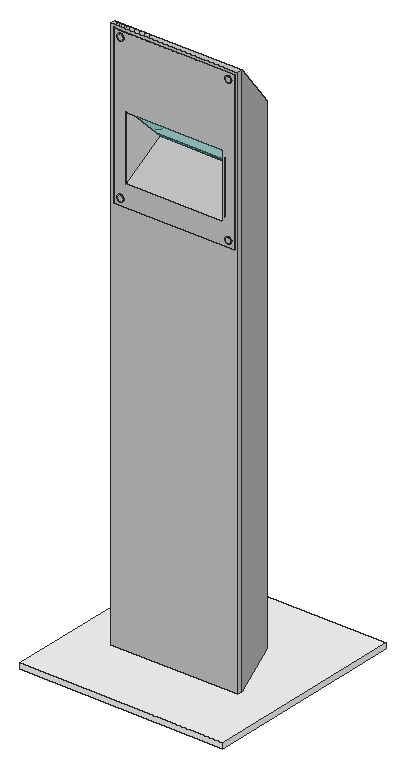
Revit family "BE_99558_de_DE", category Leuchten, Revit 2015
Parameters (values of type "BEGA_99558_Silber_K4")
  built-in parameter 1150104 = 11.599 (stored number, unit not read)
  Wattage = 16.9 W
  Default Elevation = 0 mm
  built-in parameter 1150113 = 1 (stored number, unit not read)
  built-in parameter 1114218 = 1 (stored number, unit not read)
  Umgebungstemperatur = "25 °C"
  URL = "http://www.bega.de/produkt/99558"
  Typenkommentare = "© 2016 BEGA. Wir behalten uns das Recht vor, technische Änderungen ohne vorherige Ankündigung vorzunehmen."  # constant formula
  Type Image = 99558.png
  built-in parameter 1150134 = 12
  built-in parameter 1150109 = 1 (stored number, unit not read)
  Strom = ""
  built-in parameter 1150110 = 1 (stored number, unit not read)
  Spannung = 239.996 V
  Sonderanfertigung = no
  Seriennummer [instance] = "Hier können Sie die eindeutige Seriennummer für das Facility Management eintragen."
  Schutzklasse = "I"
  Schutzart = "IP 65"
  Scheinlast = 0 VA
  Produktdatenblatt = "http://www.bega.de/download/Xrfa/db/99558.db.de.pdf"
  Oberflächentemperatur = ""
  Neigungswinkel = 0.00°
  Modell = "99558AK4"
  Material_18 = BEGA_Gummi_schwarz
  Material_17 = BEGA_Reflektor
  Material_15 = BEGA_Leuchtmedium_matt
  Material_11 = BEGA_Glas_opal
  Material_09 = BEGA_Glas_klar
  Material_06 = BEGA_Oberfläche_Edelstahl_gebürstet
  Material_03 = BEGA_Oberfläche_Weiss_matt
  Material_02 = BEGA_Oberfläche_Silber_matt
  Material_01 [instance] = BEGA_Oberfläche_Grafit_matt
  M_W = no
  M_G = no
  M_A = yes
  Logo = 0
  built-in parameter 1114217 = 1 (stored number, unit not read)
  built-in parameter 1150139 = (empty or 0)
  built-in parameter 1150105 = 167.91 (stored number, unit not read)
  built-in parameter 1150114 = 1 (stored number, unit not read)
  Lumens = 2109.96 lm
  built-in parameter 1150115 = 1 (stored number, unit not read)
  Leuchtenlichtstrom = "1215 lm"
  Leuchtenanzahl = ""
  Lebensdauerkriterien = "L70 = 50.000 h"
  Lastklassifizierung = Beleuchtung
  built-in parameter 1150112 = 1 (stored number, unit not read)
  Lampenlichtstrom = "2110 lm"
  Lampe = "LED 16.9 W"
  LED_Modulbezeichnung = "LED-0491/840 "
  built-in parameter 1150142 = (empty or 0)
  Hersteller = "BEGA"  # constant formula
  Halbstreuwinkel = ""
  Gewicht = "8.95 kg"
  Gebrauchslageneinschränkung [instance] = ""
  Frequenz = "0/50-60 Hz"
  Farbwiedergabeindex = "Ra > 80"
  Farbtemperaturverschiebung bei Dämpfen der Lampe = <Keine Auswahl>
  Farbtemperatur = "4000 K"
  Farbfilter = 16777215
  Erdstück = yes
  built-in parameter 1150133 = 10 (stored number, unit not read)
  Energieeffizienzklasse = "LED A++ - A"
  Einstecktiefe = ""
  built-in parameter 1150137 = (empty or 0)
  built-in parameter 1150132 = (empty or 0)
  Einbauöffnung = ""
  Einbautiefe = ""
  Einbau_in_Wärmedämmung = ""
  ENEC = ""
  Dimmbar [instance] = ""
  Datei für fotometrisches Netz = "BE_99558K4.IES"
  CE_Konformität = "ja"
  Bestellnummer_Erdstück = ""
  Bestellnummer = "99558AK4"
  Beschreibung_Sonderanfertigung = "Hier können Sie Informationen zur Sonderanfertigung eintragen."
  Beschreibung = "Pollerleuchte"
  built-in parameter 1150106 = 1.6791 (stored number, unit not read)
  BEGA_Intern_aus = yes
  BEGA_Intern_an = yes
  BEGA_Intern_Konstruktion = yes
  BEGA_Intern = yes
  BEGA_IES = yes
  BEGA_Dummy = no
  Anschlussleistung [instance] = "21.5 W"
  built-in parameter 1150107 = 4000 (stored number, unit not read)
  built-in parameter 1150102 = (empty or 0)
  built-in parameter 1150138 = (empty or 0)
  Aktualisierung = "2016-11-14T04:14:35"
  AC/DC = "AC/DC"
Types (4, lengths in mm): name | built-in parameter 1150104 | built-in parameter 1150134 | Modell | M_G | M_A | built-in parameter 1150105 | Lumens | Leuchtenlichtstrom | Lampenlichtstrom | LED_Modulbezeichnung | Farbtemperatur | Datei für fotometrisches Netz | Bestellnummer | built-in parameter 1150106 | built-in parameter 1150107
  BEGA_99558_Silber_K3 | 10.802 (stored number, unit not read) | (empty or 0) | "99558A" | no | yes | 156.37 (stored number, unit not read) | 1964.96 lm | "1132 lm" | "1965 lm" | "LED-0491/830 " | "3000 K" | "BE_99558.IES" | "99558A" | 1.5637 (stored number, unit not read) | 3000 (stored number, unit not read)
  BEGA_99558_Silber_K4 | 11.599 (stored number, unit not read) | 12 | "99558AK4" | no | yes | 167.91 (stored number, unit not read) | 2109.96 lm | "1215 lm" | "2110 lm" | "LED-0491/840 " | "4000 K" | "BE_99558K4.IES" | "99558AK4" | 1.6791 (stored number, unit not read) | 4000 (stored number, unit not read)
  BEGA_99558_Grafit_K4 | 11.599 (stored number, unit not read) | 12 | "99558K4" | yes | no | 167.91 (stored number, unit not read) | 2109.96 lm | "1215 lm" | "2110 lm" | "LED-0491/840 " | "4000 K" | "BE_99558K4.IES" | "99558K4" | 1.6791 (stored number, unit not read) | 4000 (stored number, unit not read)
  BEGA_99558_Grafit_K3 | 10.802 (stored number, unit not read) | (empty or 0) | "99558" | yes | no | 156.37 (stored number, unit not read) | 1964.96 lm | "1132 lm" | "1965 lm" | "LED-0491/830 " | "3000 K" | "BE_99558.IES" | "99558" | 1.5637 (stored number, unit not read) | 3000 (stored number, unit not read)
Reference planes
  plane 1 "Mitte (Vorne/Hinten)": y = 0
  plane 2: z = 0
  plane 3 "Mitte (Links/Rechts)": x = 0
  plane 4 "Links": x = -125
  plane 5 "Rechts": x = 125
  plane 6 "Unten": y = -70
  plane 7 "Oben": y = 69.957
  plane 8 "Vorne": z = 1099.75
  plane 9 "Hinten": z = 0
Forms (mm)
  Extrusion 1, solid, material "BEGA_Platte_Weiss"
    sketch origin (0, -1119.2, 0) x (1, 0, 0) y (0, 1, 0)
      loop
        line (-200, 1319.2) -> (-200, 919.2) -> (200, 919.2) -> (200, 1319.2) -> (-200, 1319.2)
    from 0 to -10
  Extrusion 2, solid, material "BEGA_Dummy_matt", visible <- "BEGA_Dummy"
    sketch origin (80.095, -76.023, 0) x (1, 0, 0) y (0, 1, 0)
      loop
        line (-205.095, 145.98) -> (-205.095, 6.023) -> (44.905, 6.023) -> (44.905, 145.98) -> (-205.095, 145.98)
    from 0 to 1099.75
Dimensions and locks
  plane 1 "Mitte (Vorne/Hinten)" to Extrusion 1 = 200 mm
  aligned and locked: plane 2 to Extrusion 1
  aligned and locked: level to Extrusion 1
Nested families
  nested 1: "BE_99558" at (0, 0, 0), type "BE_99558"
Connectors
  electrical at (0, 0, 0), driven by "Lastklassifizierung", driven by "Spannung", driven by "Scheinlast"
    settings: index 1, voltage 239.996 V, apparent load 0 VA, apparent load phase1 0 VA, apparent load phase2 0 VA, apparent load phase3 0 VA, power factor 1, load classification "Beleuchtung", number of poles 1, system type 31, power factor state 1, is connector primary yes, connector utility no, sub classification motor no, connector description ""
Definition of nested family "BE_99558"
  Parameters (values of type "BE_99558")
    Default Elevation = 1 mm
    URL = "http://www.bega.de/de/produkt"
    Type Comments = "© 2015 BEGA. Wir behalten uns das Recht vor, technische Änderungen ohne vorherige Ankündigung vorzunehmen. "  # constant formula
    Type Image = (empty or 0)
    Material_18 = none
    Material_17 = none
    Material_15 = none
    Material_11 = none
    Material_09 = none
    Material_06 = none
    Material_03 = none
    Material_02 = none
    Material_01 = none
    M_W = yes
    M_G = yes
    M_A = yes
    Länge_Platte = 400 mm  # constant formula
    Höhe_Platte = -10 mm  # constant formula
    Manufacturer = "BEGA"  # constant formula
    Breite_Platte = 200 mm  # constant formula
  Reference planes
    plane 1 "Mitte (Oben/Unten)": y = 0
    plane 2: z = 0
    plane 3 "Mitte (Links/Rechts)": x = 0
    plane 4: x = -125
    plane 5: x = 125
    plane 6: z = 1099.75
    plane 7: y = 69.957
    plane 8: y = -69.957
  Forms (mm)
    Extrusion 1, solid, detail levels medium
      sketch origin (0, 0, 0) x (1, 0, 0) y (0, 1, 0)
        loop
          line (-200, 100) -> (-200, -100) -> (200, -100) -> (200, 100) -> (-200, 100)
      from 0 to -10 <- "Höhe_Platte"
    Revolve 2, solid, material <- "Material_01", visible <- "M_G", detail levels medium+fine
      sketch origin (0, 0, 0) x (0, 1, 0) y (0, 0, 1)
        loop
          line (64.999, 0) -> (64.999, 5) -> (0, 5) -> (0, 0) -> (64.999, 0)
        axis (0, 0) -> (0, 5)
      angle from 0 to 360
    Extrusion 3, void
      sketch origin (0, 0, 0) x (1, 0, 0) y (0, 1, 0)
        loop
          arc (10.611, 37.027) -> (-0.007, 38.517) -> (-10.625, 37.023) r 38.517
          arc (-10.625, 37.023) -> (-13.028, 32.671) -> (-8.678, 30.263) r 3.517
          arc (-8.678, 30.263) -> (0, 31.483) -> (8.677, 30.263) r 31.483
          arc (8.677, 30.263) -> (13.029, 32.677) -> (10.611, 37.027) r 3.517
        loop
          arc (-30.55, -7.606) -> (-34.816, -5.056) -> (-37.373, -9.319) r 3.517
          arc (-37.373, -9.319) -> (-33.355, -19.262) -> (-26.752, -27.711) r 38.517
          arc (-26.752, -27.711) -> (-21.78, -27.619) -> (-21.869, -22.647) r 3.517
          arc (-21.869, -22.647) -> (-27.267, -15.737) -> (-30.55, -7.606) r 31.483
        loop
          arc (37.376, -9.31) -> (34.808, -5.053) -> (30.548, -7.616) r 3.517
          arc (30.548, -7.616) -> (27.264, -15.743) -> (21.866, -22.65) r 31.483
          arc (21.866, -22.65) -> (21.785, -27.622) -> (26.757, -27.707) r 3.517
          arc (26.757, -27.707) -> (33.36, -19.255) -> (37.376, -9.31) r 38.517
        loop
          arc (-12.536, -43.72) -> (-18.13, -46.827) -> (-15.014, -52.416) r 4.521
          arc (-15.014, -52.416) -> (0.001, -54.524) -> (15.016, -52.416) r 54.519
          arc (15.016, -52.416) -> (18.131, -46.826) -> (12.537, -43.719) r 4.521
          arc (12.537, -43.719) -> (0.001, -45.481) -> (-12.536, -43.72) r 45.489
        loop
          arc (44.131, 11.004) -> (49.615, 7.712) -> (52.902, 13.199) r 4.521
          arc (52.902, 13.199) -> (47.217, 27.266) -> (37.876, 39.221) r 54.52
          arc (37.876, 39.221) -> (31.483, 39.11) -> (31.594, 32.717) r 4.521
          arc (31.594, 32.717) -> (39.388, 22.741) -> (44.131, 11.004) r 45.489
        loop
          arc (-31.594, 32.716) -> (-31.486, 39.112) -> (-37.881, 39.216) r 4.521
          arc (-37.881, 39.216) -> (-47.218, 27.265) -> (-52.901, 13.204) r 54.519
          arc (-52.901, 13.204) -> (-49.619, 7.711) -> (-44.131, 11.002) r 4.521
          arc (-44.131, 11.002) -> (-39.388, 22.74) -> (-31.594, 32.716) r 45.489
        loop
          circle (0, 0) r 21.5
      from 0 to 8.574
    Extrusion 4, solid, material <- "Material_01", visible <- "M_G", detail levels medium+fine
      sketch origin (0, 0, 0) x (1, 0, 0) y (0, 1, 0)
        loop
          line (-125, -60.824) -> (-125, -70) -> (125, -70) -> (125, -60.828) -> (69.45, 70) -> (-69.45, 70) -> (-125, -60.824)
        loop
          line (-67.5, 67.7) -> (-121.7, -59.945) -> (-121.7, -66.7) -> (121.7, -66.7) -> (121.7, -59.945) -> (67.5, 67.7) -> (-67.5, 67.7)
      from 2 to 1099.75
    Extrusion 5, void
      sketch origin (0, 0, 0) x (0, 1, 0) y (0, 0, 1)
        loop
          line (-65, 1104.401) -> (75, 964.401) -> (75, 1104.401) -> (-65, 1104.401)
      from -133.772 to 134.901
    Extrusion 6, void
      sketch origin (0, 0, 0) x (1, 0, 0) y (0, 0, 1)
        loop
          line (-119, 783.882) -> (119, 783.882) -> (119, 1093.75) -> (-119, 1093.75) -> (-119, 783.882)
      from 60.824 to 80.304
    Extrusion 7, solid, material <- "Material_01", visible <- "M_G", detail levels medium+fine
      sketch origin (0, 0, 0) x (0, 1, 0) y (0, 0, 1)
        loop
          line (-60.349, 1099.75) -> (-68.677, 1099.75) -> (-68.677, 1096.398) -> (-60.824, 1096.398) -> (68.087, 967.487) -> (70, 969.401) -> (-60.349, 1099.75)
      from -125 to 125
    Extrusion 8, void
      sketch origin (0, 0, 0) x (1, 0, 0) y (0, 1, 0)
        loop
          line (-67.327, 75) -> (-129.45, 75) -> (-129.45, -71.304) -> (-67.327, 75)
        loop
          line (67.327, 75) -> (129.45, -71.304) -> (129.45, 75) -> (67.327, 75)
      from 934.807 to 1118.812
    Extrusion 9, solid, material <- "Material_01", visible <- "M_G", detail levels medium+fine
      sketch origin (0, 0, 0) x (1, 0, 0) y (0, 0, 1)
        loop
          line (-118.717, 784.161) -> (118.717, 784.161) -> (118.717, 1093.45) -> (-118.717, 1093.45) -> (-118.717, 784.161)
        loop
          line (-95.896, 952.75) -> (-95.896, 825.161) -> (95.896, 825.161) -> (95.896, 952.75) -> (-95.896, 952.75)
      from 62.614 to 70
    Extrusion 10, solid, material <- "Material_01", visible <- "M_G", detail levels medium+fine
      sketch origin (0, 0, 321.35) x (0, 1, 0) y (0, 0, 1)
        loop
          line (-70, 503.811) -> (-67.5, 502.717) -> (-21.611, 576.154) -> (-22.831, 578.106) -> (-70, 503.811)
      from -103.34 to 102.897
    Extrusion 11, solid, material <- "Material_01", visible <- "M_G", detail levels medium+fine
      sketch origin (0, 0, 0) x (-1, 0, 0) y (0, -1, 0)
        loop
          line (-96.168, 70) -> (-98.823, 70) -> (-68.573, 22.831) -> (-65.918, 22.831) -> (-96.168, 70)
        loop
          line (96.168, 70) -> (65.918, 22.831) -> (68.573, 22.831) -> (98.823, 70) -> (96.168, 70)
      from 825.161 to 952.75
    Extrusion 12, solid, material <- "Material_17", detail levels medium+fine
      sketch origin (0, 0, 321.35) x (0, 1, 0) y (0, 0, 1)
        loop
          line (5.692, 641.581) -> (5.595, 642.501) -> (-57.729, 635.845) -> (-57.632, 634.925) -> (5.692, 641.581)
        loop
          line (22.542, 638.502) -> (21.459, 639.127) -> (-16.185, 573.925) -> (-19.808, 573.925) -> (-20.468, 561.325) -> (-19.566, 561.278) -> (-18.943, 573.175) -> (-15.175, 573.175) -> (22.542, 638.502)
      from -88.515 to 86.726
    Extrusion 13, solid, material <- "Material_17", detail levels medium+fine
      sketch origin (-7.46, -36.733, 0) x (1, 0, 0) y (0, 1, 0)
        loop
          line (-93.726, -19.037) -> (-43.504, 59.274) -> (-46.43, 59.274) -> (-96.653, -19.037) -> (-93.726, -19.037)
        loop
          line (108.646, -19.037) -> (111.572, -19.037) -> (61.35, 59.274) -> (58.423, 59.274) -> (108.646, -19.037)
      from 905.263 to 992.838
    Extrusion 14, void
      sketch origin (0, 0, 0) x (0, 1, 0) y (0, 0, -1)
        loop
          line (-22.831, -899.456) -> (-66.7, -952.75) -> (-66.7, -958.45) -> (-22.831, -958.45) -> (-22.831, -899.456)
      from -99.773 to 102.897
    Extrusion 15, solid, material <- "Material_09", detail levels medium+fine
      sketch origin (0, 0, 321.35) x (0, 1, 0) y (0, 0, 1)
        loop
          line (-19.862, 573.963) -> (-16.667, 576.37) -> (-63.007, 637.865) -> (-66.201, 635.458) -> (-19.862, 573.963)
      from -95.896 to 95.896
    Extrusion 16, solid, material <- "Material_15", detail levels medium+fine
      sketch origin (0, 0, 321.939) x (0, 1, 0) y (0, 0, 1)
        loop
          line (17.847, 641.326) -> (8.75, 641.326) -> (8.75, 640.526) -> (17.847, 640.526) -> (17.847, 641.326)
      from -46.412 to 46.401
    Extrusion 17, solid, material <- "Material_01", visible <- "M_G", detail levels medium+fine
      sketch origin (0, 0, 0) x (1, 0, 0) y (0, 1, 0)
        loop
          circle (0, 0) r 64.999
        loop
          line (-121.7, -59.945) -> (-121.7, -66.7) -> (121.7, -66.7) -> (121.7, -59.945) -> (67.5, 67.7) -> (-67.5, 67.7) -> (-121.7, -59.945)
      from 5 to 15.378
    Revolve 18, void
      sketch origin (0, 0, 0) x (0, 1, 0) y (0, 0, 1)
        loop
          line (70.24, 25.694) -> (66.535, 25.694) -> (66.535, 21.494) -> (70.24, 21.494) -> (70.24, 25.694)
        axis (70.24, 21.494) -> (66.535, 21.494)
      angle from 0 to 360
    Revolve 19, solid, material <- "Material_06", detail levels fine
      sketch origin (0, 0, 0) x (0, 1, 0) y (0, 0, 1)
        loop
          line (70.639, 25.494) -> (67.7, 25.494) -> (67.7, 21.494) -> (71.239, 21.494) -> (71.239, 24.894) -> (70.639, 25.494)
        axis (71.239, 21.494) -> (67.7, 21.494)
      angle from 0 to 360
    Extrusion 20, solid, material <- "Material_06", detail levels fine
      sketch origin (0, 0, 0) x (1, 0, 0) y (0, 0, 1)
        loop
          circle (-106.227, 1080.977) r 6
        loop
          circle (-106.227, 796.655) r 6
        loop
          circle (106.227, 1080.977) r 6
        loop
          circle (106.227, 796.655) r 6
      from 66.7 to 70
    Revolve 21, void
      sketch origin (-106.227, 0, 0) x (0, 1, 0) y (0, 0, 1)
        loop
          line (-66.3, 1083.827) -> (-70.517, 1088.043) -> (-70.517, 1080.977) -> (-66.3, 1080.977) -> (-66.3, 1083.827)
        axis (-70.517, 1080.977) -> (-66.3, 1080.977)
      angle from 0 to 360
    Revolve 22, void
      sketch origin (106.227, 0, 0) x (0, 1, 0) y (0, 0, -1)
        loop
          line (-66.3, -1083.827) -> (-66.3, -1080.977) -> (-70.517, -1080.977) -> (-70.517, -1088.043) -> (-66.3, -1083.827)
        axis (-70.517, -1080.977) -> (-66.3, -1080.977)
      angle from 0 to 360
    Revolve 23, void
      sketch origin (-106.227, 0, -284.322) x (0, 1, 0) y (0, 0, 1)
        loop
          line (-66.3, 1083.827) -> (-70.517, 1088.043) -> (-70.517, 1080.977) -> (-66.3, 1080.977) -> (-66.3, 1083.827)
        axis (-70.517, 1080.977) -> (-66.3, 1080.977)
      angle from 0 to 360
    Revolve 24, void
      sketch origin (106.227, 0, -284.322) x (0, 1, 0) y (0, 0, -1)
        loop
          line (-66.3, -1083.827) -> (-66.3, -1080.977) -> (-70.517, -1080.977) -> (-70.517, -1088.043) -> (-66.3, -1083.827)
        axis (-70.517, -1080.977) -> (-66.3, -1080.977)
      angle from 0 to 360
    Revolve 25, solid, material <- "Material_02", visible <- "M_A", detail levels medium+fine
      sketch origin (0, 0, 0) x (0, 1, 0) y (0, 0, 1)
        loop
          line (64.999, 0) -> (64.999, 5) -> (0, 5) -> (0, 0) -> (64.999, 0)
        axis (0, 0) -> (0, 5)
      angle from 0 to 360
    Extrusion 26, solid, material <- "Material_02", visible <- "M_A", detail levels medium+fine
      sketch origin (0, 0, 0) x (1, 0, 0) y (0, 1, 0)
        loop
          line (-125, -60.824) -> (-125, -70) -> (125, -70) -> (125, -60.828) -> (69.45, 70) -> (-69.45, 70) -> (-125, -60.824)
        loop
          line (-67.5, 67.7) -> (-121.7, -59.945) -> (-121.7, -66.7) -> (121.7, -66.7) -> (121.7, -59.945) -> (67.5, 67.7) -> (-67.5, 67.7)
      from 2 to 1099.75
    Extrusion 27, solid, material <- "Material_02", visible <- "M_A", detail levels medium+fine
      sketch origin (0, 0, 0) x (0, 1, 0) y (0, 0, 1)
        loop
          line (-60.349, 1099.75) -> (-68.677, 1099.75) -> (-68.677, 1096.398) -> (-60.824, 1096.398) -> (68.087, 967.487) -> (70, 969.401) -> (-60.349, 1099.75)
      from -125 to 125
    Extrusion 28, solid, material <- "Material_02", visible <- "M_A", detail levels medium+fine
      sketch origin (0, 0, 0) x (1, 0, 0) y (0, 1, 0)
        loop
          circle (0, 0) r 64.999
        loop
          line (-121.7, -59.945) -> (-121.7, -66.7) -> (121.7, -66.7) -> (121.7, -59.945) -> (67.5, 67.7) -> (-67.5, 67.7) -> (-121.7, -59.945)
      from 5 to 15.378
    Extrusion 29, void
      sketch origin (0, 0, 0) x (1, 0, 0) y (0, 1, 0)
        loop
          line (-67.327, 75) -> (-129.45, 75) -> (-129.45, -71.304) -> (-67.327, 75)
        loop
          line (67.327, 75) -> (129.45, -71.304) -> (129.45, 75) -> (67.327, 75)
      from 934.807 to 1118.812
    Extrusion 30, solid, material <- "Material_02", visible <- "M_A", detail levels medium+fine
      sketch origin (0, 0, 0) x (1, 0, 0) y (0, 0, 1)
        loop
          line (-118.717, 784.161) -> (118.717, 784.161) -> (118.717, 1093.45) -> (-118.717, 1093.45) -> (-118.717, 784.161)
        loop
          line (-95.896, 952.75) -> (-95.896, 825.161) -> (95.896, 825.161) -> (95.896, 952.75) -> (-95.896, 952.75)
      from 62.614 to 70
    Extrusion 31, solid, material <- "Material_02", visible <- "M_A", detail levels medium+fine
      sketch origin (0, 0, 321.35) x (0, 1, 0) y (0, 0, 1)
        loop
          line (-70, 503.811) -> (-67.5, 502.717) -> (-21.611, 576.154) -> (-22.831, 578.106) -> (-70, 503.811)
      from -103.34 to 102.897
    Extrusion 32, solid, material <- "Material_02", visible <- "M_A", detail levels medium+fine
      sketch origin (0, 0, 0) x (-1, 0, 0) y (0, -1, 0)
        loop
          line (-96.168, 70) -> (-98.823, 70) -> (-68.573, 22.831) -> (-65.918, 22.831) -> (-96.168, 70)
        loop
          line (96.168, 70) -> (65.918, 22.831) -> (68.573, 22.831) -> (98.823, 70) -> (96.168, 70)
      from 825.161 to 952.75
  Cuts and joins
    Extrusion 3 cuts Revolve 2
    Extrusion 5, Extrusion 6, Extrusion 8, Revolve 18, Extrusion 29 cuts Extrusion 4
    Extrusion 8, Revolve 18, Extrusion 29 cuts Extrusion 7
    Revolve 18, Extrusion 29 cuts Extrusion 17
    joined: Extrusion 4, Extrusion 7, Extrusion 17
    Revolve 21, Revolve 22, Revolve 23, Revolve 24 cuts Extrusion 9
    Extrusion 14, Revolve 21, Revolve 22, Revolve 23, Revolve 24 cuts Extrusion 10
    Extrusion 14, Revolve 21, Revolve 22, Revolve 23, Revolve 24 cuts Extrusion 11
    joined: Extrusion 9, Extrusion 10, Extrusion 11
    joined: Extrusion 12, Extrusion 13
    Extrusion 3 cuts Revolve 25
    Extrusion 5, Extrusion 6, Revolve 18, Extrusion 29 cuts Extrusion 26
    Extrusion 29 cuts Extrusion 27
    joined: Extrusion 26, Extrusion 27, Extrusion 28
    Revolve 21, Revolve 22, Revolve 23, Revolve 24 cuts Extrusion 30
    Extrusion 14 cuts Extrusion 32
    joined: Extrusion 30, Extrusion 31, Extrusion 32
  Dimensions and locks
    equal spacing: Extrusion 1 sketch curve, plane 3 "Mitte (Links/Rechts)", Extrusion 1 sketch curve
    equal spacing: Extrusion 1 sketch curve, plane 1 "Mitte (Oben/Unten)", Extrusion 1 sketch curve
    "Länge_Platte": Extrusion 1 sketch curve to Extrusion 1 sketch curve
    "Breite_Platte": Extrusion 1 sketch curve to Extrusion 1 sketch curve
    aligned and locked: Extrusion 1 to plane 2
    aligned and locked: level to Extrusion 1
  Automatic sketch dimensions
    Revolve 2 sketch curve to level = 0 mm
    Revolve 2 sketch curve to plane 1 "Mitte (Oben/Unten)" = 0 mm  (x2)
    level to Revolve 2 sketch curve = 5 mm
    Revolve 2 sketch curve to Revolve 2 sketch curve = 64.999 mm
    Revolve 2 sketch curve to Revolve 2 sketch curve = 2.25 mm
    Revolve 2 sketch curve to Revolve 2 sketch curve = 3.611 mm
    Extrusion 3 sketch curve to Extrusion 3 sketch curve = 0 mm  (x27)
    plane 1 "Mitte (Oben/Unten)" to Extrusion 3 sketch curve = 0 mm  (x2)
    Extrusion 3 sketch curve to plane 1 "Mitte (Oben/Unten)" = 12.096 mm
    Extrusion 3 sketch curve to plane 3 "Mitte (Links/Rechts)" = 48.518 mm
    Extrusion 3 sketch curve to Extrusion 3 sketch curve = 13.782 mm
    plane 1 "Mitte (Oben/Unten)" to Extrusion 3 sketch curve = 8.468 mm
    Extrusion 3 sketch curve to Extrusion 3 sketch curve = 14.557 mm  (x2)
    Extrusion 3 sketch curve to Extrusion 3 sketch curve = 9.648 mm
    Extrusion 3 sketch curve to plane 3 "Mitte (Links/Rechts)" = 13.782 mm
    Extrusion 3 sketch curve to plane 3 "Mitte (Links/Rechts)" = 9.648 mm
    Extrusion 3 sketch curve to plane 3 "Mitte (Links/Rechts)" = 0.007 mm
    Extrusion 3 sketch curve to plane 3 "Mitte (Links/Rechts)" = 0.004 mm
    plane 3 "Mitte (Links/Rechts)" to Extrusion 3 sketch curve = 0 mm  (x3)
    Extrusion 3 sketch curve to plane 1 "Mitte (Oben/Unten)" = 0 mm  (x2)
    plane 3 "Mitte (Links/Rechts)" to Extrusion 3 sketch curve = 0.004 mm
    plane 3 "Mitte (Links/Rechts)" to Extrusion 3 sketch curve = 0.007 mm
    plane 3 "Mitte (Links/Rechts)" to Extrusion 3 sketch curve = 9.647 mm
    plane 3 "Mitte (Links/Rechts)" to Extrusion 3 sketch curve = 13.783 mm
    plane 3 "Mitte (Links/Rechts)" to Extrusion 3 sketch curve = 24.314 mm
    plane 1 "Mitte (Oben/Unten)" to Extrusion 3 sketch curve = 8.467 mm
    Extrusion 3 sketch curve to Extrusion 3 sketch curve = 9.647 mm
    Extrusion 3 sketch curve to Extrusion 3 sketch curve = 25.088 mm
    Extrusion 3 sketch curve to plane 1 "Mitte (Oben/Unten)" = 12.098 mm
    Extrusion 3 sketch curve to Extrusion 3 sketch curve = 16.71 mm
    Extrusion 3 sketch curve to Extrusion 3 sketch curve = 16.709 mm
    Extrusion 3 sketch curve to Extrusion 3 sketch curve = 22.889 mm  (x2)
    Extrusion 3 sketch curve to Extrusion 3 sketch curve = 0.005 mm  (x2)
    plane 1 "Mitte (Oben/Unten)" to Extrusion 3 sketch curve = 0.004 mm  (x2)
    Extrusion 3 sketch curve to plane 1 "Mitte (Oben/Unten)" = 0.002 mm
    Extrusion 3 sketch curve to plane 1 "Mitte (Oben/Unten)" = 0.003 mm
    Extrusion 3 sketch curve to plane 1 "Mitte (Oben/Unten)" = 33.644 mm
    Extrusion 3 sketch curve to Extrusion 3 sketch curve = 2.324 mm
    Extrusion 3 sketch curve to Extrusion 3 sketch curve = 2.325 mm
    Extrusion 3 sketch curve to Extrusion 3 sketch curve = 4.383 mm
    Extrusion 3 sketch curve to Extrusion 3 sketch curve = 4.387 mm  (x2)
    Extrusion 3 sketch curve to Extrusion 3 sketch curve = 3.146 mm
    Extrusion 3 sketch curve to Extrusion 3 sketch curve = 3.413 mm  (x2)
    Extrusion 3 sketch curve to Extrusion 3 sketch curve = 3.141 mm  (x3)
    Extrusion 3 sketch curve to Extrusion 3 sketch curve = 3.41 mm
    Extrusion 3 sketch curve to Extrusion 3 sketch curve = 2.439 mm
    Extrusion 3 sketch curve to Extrusion 3 sketch curve = 2.443 mm  (x2)
    Extrusion 3 sketch curve to Extrusion 3 sketch curve = 1.233 mm
    Extrusion 3 sketch curve to Extrusion 3 sketch curve = 1.246 mm  (x2)
    Extrusion 3 sketch curve to Extrusion 3 sketch curve = 0.977 mm
    Extrusion 3 sketch curve to Extrusion 3 sketch curve = 0.97 mm
    Extrusion 3 sketch curve to Extrusion 3 sketch curve = 0.969 mm
    Extrusion 3 sketch curve to Extrusion 3 sketch curve = 0.964 mm
    Extrusion 3 sketch curve to Extrusion 3 sketch curve = 1.232 mm
    Extrusion 3 sketch curve to Extrusion 3 sketch curve = 2.447 mm
    Extrusion 3 sketch curve to Extrusion 3 sketch curve = 0.001 mm
    Extrusion 3 sketch curve to Extrusion 3 sketch curve = 3.415 mm
    Extrusion 3 sketch curve to Extrusion 3 sketch curve = 4.385 mm
    Extrusion 3 sketch curve to Extrusion 3 sketch curve = 0.843 mm
    Extrusion 3 sketch curve to Extrusion 3 sketch curve = 0.851 mm
    Extrusion 3 sketch curve to Extrusion 3 sketch curve = 2.527 mm
    Extrusion 3 sketch curve to Extrusion 3 sketch curve = 4.346 mm
    Extrusion 3 sketch curve to Extrusion 3 sketch curve = 1.094 mm
    Extrusion 3 sketch curve to Extrusion 3 sketch curve = 3.381 mm
    plane 1 "Mitte (Oben/Unten)" to Extrusion 4 sketch curve = 60.824 mm
    Extrusion 4 sketch curve to plane 3 "Mitte (Links/Rechts)" = 125 mm
    Extrusion 4 sketch curve to Extrusion 4 sketch curve = 3.3 mm  (x3)
    Extrusion 4 sketch curve to plane 3 "Mitte (Links/Rechts)" = 69.45 mm
    Extrusion 4 sketch curve to Extrusion 4 sketch curve = 1.95 mm  (x2)
    plane 3 "Mitte (Links/Rechts)" to Extrusion 4 sketch curve = 67.5 mm
    plane 3 "Mitte (Links/Rechts)" to Extrusion 4 sketch curve = 121.7 mm
    plane 1 "Mitte (Oben/Unten)" to Extrusion 4 sketch curve = 60.828 mm
    Extrusion 4 sketch curve to Extrusion 4 sketch curve = 5.876 mm
    Extrusion 4 sketch curve to Extrusion 4 sketch curve = 0.883 mm
    Extrusion 4 sketch curve to Extrusion 4 sketch curve = 0.879 mm
    Extrusion 4 sketch curve to plane 1 "Mitte (Oben/Unten)" = 67.7 mm
    Extrusion 4 sketch curve to Extrusion 4 sketch curve = 2.3 mm
    plane 1 "Mitte (Oben/Unten)" to Extrusion 5 sketch curve = 65 mm
    Extrusion 5 sketch curve to plane 1 "Mitte (Oben/Unten)" = 75 mm
    level to Extrusion 5 sketch curve = 964.401 mm
    Extrusion 5 sketch curve to Extrusion 5 sketch curve = 140 mm
    Extrusion 6 sketch curve to plane 3 "Mitte (Links/Rechts)" = 119 mm
    plane 3 "Mitte (Links/Rechts)" to Extrusion 6 sketch curve = 119 mm
    level to Extrusion 6 sketch curve = 783.882 mm
    Extrusion 6 sketch curve to Extrusion 6 sketch curve = 309.868 mm
    plane 1 "Mitte (Oben/Unten)" to Extrusion 7 sketch curve = 68.677 mm
    Extrusion 7 sketch curve to Extrusion 7 sketch curve = 7.852 mm
    Extrusion 7 sketch curve to Extrusion 7 sketch curve = 0.475 mm
    Extrusion 7 sketch curve to plane 1 "Mitte (Oben/Unten)" = 68.087 mm
    Extrusion 7 sketch curve to Extrusion 7 sketch curve = 1.913 mm  (x2)
    level to Extrusion 7 sketch curve = 967.487 mm
    Extrusion 8 sketch curve to plane 3 "Mitte (Links/Rechts)" = 129.45 mm
    Extrusion 8 sketch curve to Extrusion 8 sketch curve = 62.123 mm  (x2)
    plane 3 "Mitte (Links/Rechts)" to Extrusion 8 sketch curve = 67.327 mm
    plane 1 "Mitte (Oben/Unten)" to Extrusion 8 sketch curve = 71.304 mm  (x2)
    Extrusion 8 sketch curve to plane 1 "Mitte (Oben/Unten)" = 75 mm  (x2)
    Extrusion 9 sketch curve to plane 3 "Mitte (Links/Rechts)" = 118.717 mm
    Extrusion 9 sketch curve to Extrusion 9 sketch curve = 22.821 mm
    plane 3 "Mitte (Links/Rechts)" to Extrusion 9 sketch curve = 95.896 mm
    plane 3 "Mitte (Links/Rechts)" to Extrusion 9 sketch curve = 118.717 mm
    level to Extrusion 9 sketch curve = 784.161 mm
    Extrusion 9 sketch curve to Extrusion 9 sketch curve = 41 mm
    Extrusion 9 sketch curve to Extrusion 9 sketch curve = 127.589 mm
    Extrusion 9 sketch curve to Extrusion 9 sketch curve = 140.7 mm
    plane 1 "Mitte (Oben/Unten)" to Extrusion 10 sketch curve = 70 mm
    Extrusion 10 sketch curve to Extrusion 10 sketch curve = 2.5 mm
    plane 1 "Mitte (Oben/Unten)" to Extrusion 10 sketch curve = 22.831 mm
    Extrusion 10 sketch curve to Extrusion 10 sketch curve = 1.22 mm
    level to Extrusion 10 sketch curve = 824.067 mm
    Extrusion 10 sketch curve to Extrusion 10 sketch curve = 1.094 mm
    Extrusion 10 sketch curve to Extrusion 10 sketch curve = 73.437 mm
    Extrusion 10 sketch curve to Extrusion 10 sketch curve = 1.952 mm
    Extrusion 11 sketch curve to plane 3 "Mitte (Links/Rechts)" = 98.823 mm
    Extrusion 11 sketch curve to Extrusion 11 sketch curve = 2.655 mm  (x4)
    Extrusion 11 sketch curve to plane 1 "Mitte (Oben/Unten)" = 22.831 mm  (x2)
    Extrusion 11 sketch curve to Extrusion 11 sketch curve = 27.595 mm  (x2)
    plane 3 "Mitte (Links/Rechts)" to Extrusion 11 sketch curve = 65.918 mm
    Extrusion 11 sketch curve to Extrusion 11 sketch curve = 47.169 mm  (x2)
    plane 1 "Mitte (Oben/Unten)" to Extrusion 12 sketch curve = 57.729 mm
    Extrusion 12 sketch curve to Extrusion 12 sketch curve = 0.097 mm  (x2)
    plane 1 "Mitte (Oben/Unten)" to Extrusion 12 sketch curve = 20.468 mm
    Extrusion 12 sketch curve to Extrusion 12 sketch curve = 0.66 mm
    Extrusion 12 sketch curve to Extrusion 12 sketch curve = 0.902 mm
    Extrusion 12 sketch curve to Extrusion 12 sketch curve = 0.865 mm
    Extrusion 12 sketch curve to Extrusion 12 sketch curve = 2.757 mm
    Extrusion 12 sketch curve to Extrusion 12 sketch curve = 1.01 mm
    Extrusion 12 sketch curve to plane 1 "Mitte (Oben/Unten)" = 5.595 mm
    Extrusion 12 sketch curve to Extrusion 12 sketch curve = 15.767 mm
    Extrusion 12 sketch curve to Extrusion 12 sketch curve = 1.083 mm
    level to Extrusion 12 sketch curve = 882.628 mm
    Extrusion 12 sketch curve to Extrusion 12 sketch curve = 0.047 mm
    Extrusion 12 sketch curve to Extrusion 12 sketch curve = 0.75 mm
    Extrusion 12 sketch curve to Extrusion 12 sketch curve = 61 mm
    Extrusion 12 sketch curve to Extrusion 12 sketch curve = 0.92 mm
    Extrusion 12 sketch curve to Extrusion 12 sketch curve = 3.079 mm
    Extrusion 13 sketch curve to plane 3 "Mitte (Links/Rechts)" = 104.113 mm
    Extrusion 13 sketch curve to Extrusion 13 sketch curve = 2.927 mm  (x4)
    Extrusion 13 sketch curve to plane 1 "Mitte (Oben/Unten)" = 22.542 mm  (x2)
    Extrusion 13 sketch curve to plane 3 "Mitte (Links/Rechts)" = 53.89 mm
    plane 3 "Mitte (Links/Rechts)" to Extrusion 13 sketch curve = 50.964 mm
    Extrusion 13 sketch curve to Extrusion 13 sketch curve = 47.296 mm
    plane 1 "Mitte (Oben/Unten)" to Extrusion 13 sketch curve = 55.77 mm  (x2)
    plane 1 "Mitte (Oben/Unten)" to Extrusion 14 sketch curve = 66.7 mm
    plane 1 "Mitte (Oben/Unten)" to Extrusion 14 sketch curve = 22.831 mm
    level to Extrusion 14 sketch curve = 958.45 mm
    Extrusion 14 sketch curve to Extrusion 14 sketch curve = 5.7 mm
    Extrusion 14 sketch curve to Extrusion 14 sketch curve = 58.994 mm
    plane 1 "Mitte (Oben/Unten)" to Extrusion 15 sketch curve = 66.201 mm
    Extrusion 15 sketch curve to Extrusion 15 sketch curve = 3.195 mm  (x2)
    plane 1 "Mitte (Oben/Unten)" to Extrusion 15 sketch curve = 19.862 mm
    level to Extrusion 15 sketch curve = 895.313 mm
    Extrusion 15 sketch curve to Extrusion 15 sketch curve = 2.407 mm  (x2)
    Extrusion 15 sketch curve to Extrusion 15 sketch curve = 61.495 mm
    Extrusion 16 sketch curve to plane 1 "Mitte (Oben/Unten)" = 8.75 mm
    Extrusion 16 sketch curve to Extrusion 16 sketch curve = 9.097 mm
    level to Extrusion 16 sketch curve = 962.465 mm
    Extrusion 16 sketch curve to Extrusion 16 sketch curve = 0.8 mm
    plane 1 "Mitte (Oben/Unten)" to Extrusion 17 sketch curve = 0 mm
    Extrusion 17 sketch curve to plane 3 "Mitte (Links/Rechts)" = 0 mm
    Extrusion 17 sketch curve to plane 3 "Mitte (Links/Rechts)" = 67.5 mm
    plane 1 "Mitte (Oben/Unten)" to Extrusion 17 sketch curve = 59.945 mm  (x2)
    Extrusion 17 sketch curve to plane 3 "Mitte (Links/Rechts)" = 121.7 mm
    plane 3 "Mitte (Links/Rechts)" to Extrusion 17 sketch curve = 67.5 mm
    plane 3 "Mitte (Links/Rechts)" to Extrusion 17 sketch curve = 121.7 mm
    Extrusion 17 sketch curve to Extrusion 17 sketch curve = 6.755 mm
    Extrusion 17 sketch curve to plane 1 "Mitte (Oben/Unten)" = 67.7 mm
    level to Revolve 18 sketch curve = 25.694 mm
    Revolve 18 sketch curve to plane 1 "Mitte (Oben/Unten)" = 66.535 mm
    Revolve 18 sketch curve to Revolve 18 sketch curve = 3.705 mm
    Revolve 18 sketch curve to Revolve 18 sketch curve = 4.2 mm
    Revolve 18 sketch curve to Revolve 18 sketch curve = 0 mm  (x3)
    level to Revolve 19 sketch curve = 21.494 mm
    Revolve 19 sketch curve to plane 1 "Mitte (Oben/Unten)" = 67.7 mm
    Revolve 19 sketch curve to Revolve 19 sketch curve = 2.939 mm
    Revolve 19 sketch curve to Revolve 19 sketch curve = 0.6 mm  (x2)
    Revolve 19 sketch curve to Revolve 19 sketch curve = 3.4 mm
    Revolve 19 sketch curve to Revolve 19 sketch curve = 0 mm  (x3)
    Extrusion 20 sketch curve to plane 3 "Mitte (Links/Rechts)" = 106.227 mm  (x2)
    plane 3 "Mitte (Links/Rechts)" to Extrusion 20 sketch curve = 106.227 mm  (x2)
    level to Extrusion 20 sketch curve = 796.655 mm
    Extrusion 20 sketch curve to Extrusion 20 sketch curve = 0 mm  (x2)
    Extrusion 20 sketch curve to Extrusion 20 sketch curve = 284.322 mm
    plane 1 "Mitte (Oben/Unten)" to Revolve 21 sketch curve = 70.517 mm
    Revolve 21 sketch curve to Revolve 21 sketch curve = 4.217 mm  (x2)
    Revolve 21 sketch curve to Revolve 21 sketch curve = 0 mm  (x3)
    level to Revolve 21 sketch curve = 1080.977 mm
    Revolve 21 sketch curve to Revolve 21 sketch curve = 2.85 mm
    Revolve 21 sketch curve to Revolve 21 sketch curve = 0.517 mm
    plane 1 "Mitte (Oben/Unten)" to Revolve 22 sketch curve = 70.517 mm
    Revolve 22 sketch curve to Revolve 22 sketch curve = 4.217 mm  (x2)
    Revolve 22 sketch curve to Revolve 22 sketch curve = 0 mm  (x3)
    level to Revolve 22 sketch curve = 1088.043 mm
    Revolve 22 sketch curve to Revolve 22 sketch curve = 2.85 mm
    Revolve 22 sketch curve to Revolve 22 sketch curve = 0.517 mm
    plane 1 "Mitte (Oben/Unten)" to Revolve 23 sketch curve = 70.517 mm
    Revolve 23 sketch curve to Revolve 23 sketch curve = 4.217 mm  (x2)
    Revolve 23 sketch curve to Revolve 23 sketch curve = 0 mm  (x3)
    level to Revolve 23 sketch curve = 796.655 mm
    Revolve 23 sketch curve to Revolve 23 sketch curve = 2.85 mm
    Revolve 23 sketch curve to Revolve 23 sketch curve = 0.517 mm
    plane 1 "Mitte (Oben/Unten)" to Revolve 24 sketch curve = 70.517 mm
    Revolve 24 sketch curve to Revolve 24 sketch curve = 4.217 mm  (x2)
    Revolve 24 sketch curve to Revolve 24 sketch curve = 0 mm  (x3)
    level to Revolve 24 sketch curve = 803.722 mm
    Revolve 24 sketch curve to Revolve 24 sketch curve = 2.85 mm
    Revolve 24 sketch curve to Revolve 24 sketch curve = 0.517 mm
    Revolve 25 sketch curve to level = 0 mm
    Revolve 25 sketch curve to plane 1 "Mitte (Oben/Unten)" = 0 mm  (x2)
    level to Revolve 25 sketch curve = 5 mm
    Revolve 25 sketch curve to Revolve 25 sketch curve = 64.999 mm
    Revolve 25 sketch curve to Revolve 25 sketch curve = 2.25 mm
    Revolve 25 sketch curve to Revolve 25 sketch curve = 3.611 mm
    plane 1 "Mitte (Oben/Unten)" to Extrusion 26 sketch curve = 60.824 mm
    Extrusion 26 sketch curve to plane 3 "Mitte (Links/Rechts)" = 125 mm
    Extrusion 26 sketch curve to Extrusion 26 sketch curve = 3.3 mm  (x3)
    Extrusion 26 sketch curve to plane 3 "Mitte (Links/Rechts)" = 69.45 mm
    Extrusion 26 sketch curve to Extrusion 26 sketch curve = 1.95 mm  (x2)
    plane 3 "Mitte (Links/Rechts)" to Extrusion 26 sketch curve = 67.5 mm
    plane 3 "Mitte (Links/Rechts)" to Extrusion 26 sketch curve = 121.7 mm
    plane 1 "Mitte (Oben/Unten)" to Extrusion 26 sketch curve = 60.828 mm
    Extrusion 26 sketch curve to Extrusion 26 sketch curve = 5.876 mm
    Extrusion 26 sketch curve to Extrusion 26 sketch curve = 0.883 mm
    Extrusion 26 sketch curve to Extrusion 26 sketch curve = 0.879 mm
    Extrusion 26 sketch curve to plane 1 "Mitte (Oben/Unten)" = 67.7 mm
    Extrusion 26 sketch curve to Extrusion 26 sketch curve = 2.3 mm
    plane 1 "Mitte (Oben/Unten)" to Extrusion 27 sketch curve = 68.677 mm
    Extrusion 27 sketch curve to Extrusion 27 sketch curve = 7.852 mm
    Extrusion 27 sketch curve to Extrusion 27 sketch curve = 0.475 mm
    Extrusion 27 sketch curve to plane 1 "Mitte (Oben/Unten)" = 68.087 mm
    Extrusion 27 sketch curve to Extrusion 27 sketch curve = 1.913 mm  (x2)
    level to Extrusion 27 sketch curve = 967.487 mm
    plane 1 "Mitte (Oben/Unten)" to Extrusion 28 sketch curve = 0 mm
    Extrusion 28 sketch curve to plane 3 "Mitte (Links/Rechts)" = 0 mm
    Extrusion 28 sketch curve to plane 3 "Mitte (Links/Rechts)" = 67.5 mm
    plane 1 "Mitte (Oben/Unten)" to Extrusion 28 sketch curve = 59.945 mm  (x2)
    Extrusion 28 sketch curve to plane 3 "Mitte (Links/Rechts)" = 121.7 mm
    plane 3 "Mitte (Links/Rechts)" to Extrusion 28 sketch curve = 67.5 mm
    plane 3 "Mitte (Links/Rechts)" to Extrusion 28 sketch curve = 121.7 mm
    Extrusion 28 sketch curve to Extrusion 28 sketch curve = 6.755 mm
    Extrusion 28 sketch curve to plane 1 "Mitte (Oben/Unten)" = 67.7 mm
    Extrusion 29 sketch curve to plane 3 "Mitte (Links/Rechts)" = 129.45 mm
    Extrusion 29 sketch curve to Extrusion 29 sketch curve = 62.123 mm  (x2)
    plane 3 "Mitte (Links/Rechts)" to Extrusion 29 sketch curve = 67.327 mm
    plane 1 "Mitte (Oben/Unten)" to Extrusion 29 sketch curve = 71.304 mm  (x2)
    Extrusion 29 sketch curve to plane 1 "Mitte (Oben/Unten)" = 75 mm  (x2)
    Extrusion 30 sketch curve to plane 3 "Mitte (Links/Rechts)" = 118.717 mm
    Extrusion 30 sketch curve to Extrusion 30 sketch curve = 22.821 mm
    plane 3 "Mitte (Links/Rechts)" to Extrusion 30 sketch curve = 95.896 mm
    plane 3 "Mitte (Links/Rechts)" to Extrusion 30 sketch curve = 118.717 mm
    level to Extrusion 30 sketch curve = 784.161 mm
    Extrusion 30 sketch curve to Extrusion 30 sketch curve = 41 mm
    Extrusion 30 sketch curve to Extrusion 30 sketch curve = 127.589 mm
    Extrusion 30 sketch curve to Extrusion 30 sketch curve = 140.7 mm
    plane 1 "Mitte (Oben/Unten)" to Extrusion 31 sketch curve = 70 mm
    Extrusion 31 sketch curve to Extrusion 31 sketch curve = 2.5 mm
    plane 1 "Mitte (Oben/Unten)" to Extrusion 31 sketch curve = 22.831 mm
    Extrusion 31 sketch curve to Extrusion 31 sketch curve = 1.22 mm
    level to Extrusion 31 sketch curve = 824.067 mm
    Extrusion 31 sketch curve to Extrusion 31 sketch curve = 1.094 mm
    Extrusion 31 sketch curve to Extrusion 31 sketch curve = 73.437 mm
    Extrusion 31 sketch curve to Extrusion 31 sketch curve = 1.952 mm
    Extrusion 32 sketch curve to plane 3 "Mitte (Links/Rechts)" = 98.823 mm
    Extrusion 32 sketch curve to Extrusion 32 sketch curve = 2.655 mm  (x4)
    Extrusion 32 sketch curve to plane 1 "Mitte (Oben/Unten)" = 22.831 mm  (x2)
    Extrusion 32 sketch curve to Extrusion 32 sketch curve = 27.595 mm  (x2)
    plane 3 "Mitte (Links/Rechts)" to Extrusion 32 sketch curve = 65.918 mm
    Extrusion 32 sketch curve to Extrusion 32 sketch curve = 47.169 mm  (x2)
    radius of Extrusion 3 sketch curve = 21.5 mm
    radius of Extrusion 17 sketch curve = 64.999 mm
    radius of Extrusion 20 sketch curve = 6 mm  (x4)
    radius of Extrusion 28 sketch curve = 64.999 mm
